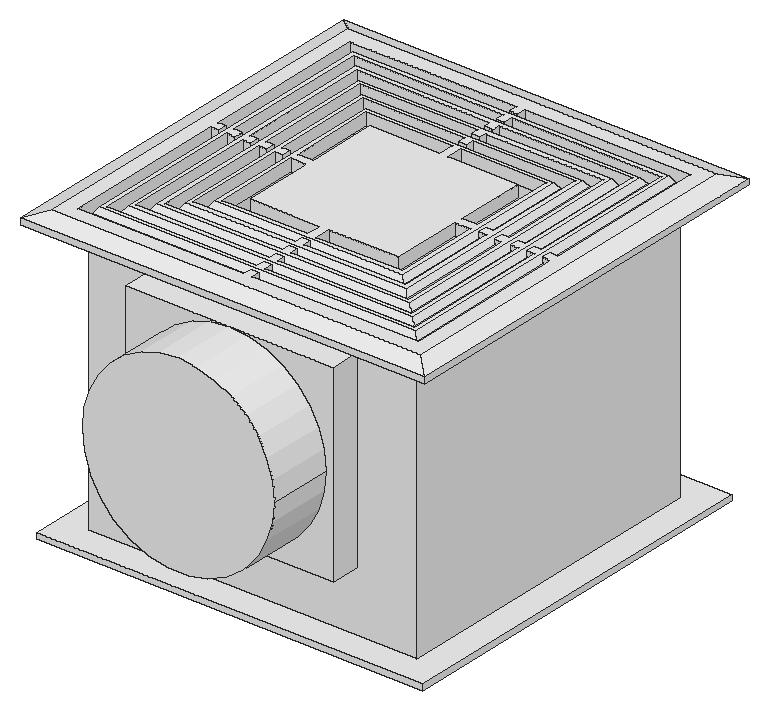
Revit family "Ceiling-Fan_VCDK 010-105C_Carnes", category Mechanical Equipment, host Face, Revit 2012
Parameters (values of type "VCDK 010-105C")
  ecoScorecard_data = ""
  ecoScorecard Product Page = "http://ecoscorecard.com/"
  Warranty URL = "http://www.carnes.com/GeneralCatalogs/termcond.pdf"
  Housing = Aluminum-Carnes-Spun-Brushed
  URL = "http://www.carnes.com/index.html"
  Subcategory = "Ceiling and Cabinet Fans"  # constant formula
  Specifications URL = ""
  Product Page URL = "http://www.carnes.com/ventilation/vcdd-vcdk.htm"
  Parts List URL = "http://www.carnes.com/ventilation/pdf/22005.pdf"
  Model = "VCDK 010-105C"  # constant formula
  Material = ""
  Manufacturer Phone = "608-845-6411"  # constant formula
  Manufacturer Fax = "608-845-6470"  # constant formula
  Manufacturer Email = "mailto:carnes@carnes.com"
  Manufacturer Address = "448 S. Main St., P. O. Box 930040, Verona, WI 53593-0040"  # constant formula
  Manufacturer = "CARNES COMPANY"  # constant formula
  IOM Instructions URL = "http://www.carnes.com/ventilation/pdf/11221.pdf"
  Grill Size = "12-5/8 Sq."
  Grill Depth = 0' - 0 3/8"
  Grill = Aluminum-Carnes-Spun-Brushed
  Duct Radius = 0' - 3"
  Duct Connector = 0' - 6"
  Description = "Ceiling Ventilators"  # constant formula
  Default Elevation = 4' - 0"
  Cost Info = "mailto:carnes@carnes.com"
  Catalog URL = "http://www.carnes.com/ventilation/pdf/C269-C295.pdf"
  Box Size = ""
  Box Depth = 0' - 8 13/16"
  Assembly Code = "D3040200"
  95 CSI = "15850"  # constant formula
  04 CSI = "23 37 13"  # constant formula
Reference planes (in)
  plane 1 "Center (Front/Back)": y = 0
  plane 2: z = 0
  plane 3 "Center (Left/Right)": x = 0
  plane 4: y = 5.125
  plane 5: x = -5.125
  plane 6: y = -5.125
  plane 7: x = 5.125
  plane 8: y = 6.03125
  plane 9: x = -6.03125
  plane 10: y = -6.03125
  plane 11: x = 6.03125
  plane 12: z = -8.8125
  plane 13: z = -8.625
  plane 14: x = 4.875
  plane 15: x = -3.25
  plane 16: x = 3.25
  plane 17: z = -0.75
  plane 18: z = -6.75
  plane 19: z = -3.75
  plane 20: y = -8.03125
Forms (in)
  Sweep 1, solid, material "Aluminum-Carnes-Spun-Brushed" <- "Housing", detail levels fine
    path origin (0, 0, 0) x (1, 0, 0) y (0, 1, 0)
      loop
        line (6.03125, 6.03125) -> (-6.03125, 6.03125) -> (-6.03125, -6.03125) -> (6.03125, -6.03125) -> (6.03125, 6.03125)
    profile origin (6.03125, 0, 0) x (1, 0, 0) y (0, 0, 1)
      loop
        line (0, -8.625) -> (-0.90625, -8.625) -> (-0.90625, -8.8125) -> (0, -8.8125) -> (0, -8.625)
  Sweep 2, solid, material "Aluminum-Carnes-Spun-Brushed" <- "Housing", detail levels fine
    path origin (0, 0, 0) x (1, 0, 0) y (0, 1, 0)
      loop
        line (5.125, 5.125) -> (-5.125, 5.125) -> (-5.125, -5.125) -> (5.125, -5.125) -> (5.125, 5.125)
    profile origin (5.125, 0, 0) x (1, 0, 0) y (0, 0, 1)
      loop
        line (-0.25, 0) -> (-0.25, -8.8125) -> (0, -8.8125) -> (0, 0) -> (-0.25, 0)
  Extrusion 3, solid, material "Aluminum-Carnes-Spun-Brushed" <- "Housing", detail levels fine
    sketch origin (0, 0, 0) x (1, 0, 0) y (0, 1, 0)
      loop
        line (-3.25, -5.125) -> (-3.25, -6.03125) -> (3.25, -6.03125) -> (3.25, -5.125) -> (-3.25, -5.125)
    from -6.75 to -0.75
  Extrusion 4, solid, material "Aluminum-Carnes-Spun-Brushed" <- "Housing", detail levels fine
    sketch origin (0, 0, 0) x (1, 0, 0) y (0, 0, 1)
      loop
        circle (0, -3.75) r 3
    from 6.03125 to 8.03125
  Extrusion 5, void
    sketch origin (0, 0, 0) x (1, 0, 0) y (0, 1, 0)
      loop
        line (-5.125, 5.125) -> (-5.125, -5.125) -> (5.125, -5.125) -> (5.125, 5.125) -> (-5.125, 5.125)
    from 0 to -8.8125
Cuts and joins
  joined: Sweep 1, Sweep 2
Lines and regions (in)
  model lines, detail levels coarse+medium
    curve 1: line (6.3125, 6.3125, 0) -> (-6.3125, 6.3125, 0)
    curve 2: line (6.3125, 6.3125, 0) -> (6.3125, -6.3125, 0)
    curve 3: line (6.3125, -6.3125, 0) -> (-6.3125, -6.3125, 0)
    curve 4: line (-6.3125, 6.3125, 0) -> (-6.3125, -6.3125, 0)
Dimensions and locks (in)
  equal spacing: host sketch curve, plane 3 "Center (Left/Right)", host sketch curve
  equal spacing: host sketch curve, plane 1 "Center (Front/Back)", host sketch curve
  equal spacing: plane 5, plane 3 "Center (Left/Right)", plane 7
  plane 5 to plane 7 = 0' - 10 1/4"
  equal spacing: plane 4, plane 1 "Center (Front/Back)", plane 6
  plane 4 to plane 6 = 0' - 10 1/4"
  equal spacing: plane 9, plane 3 "Center (Left/Right)", plane 11
  plane 9 to plane 11 = 1' - 0 1/16"
  equal spacing: plane 10, plane 1 "Center (Front/Back)", plane 8
  plane 8 to plane 10 = 1' - 0 1/16"
  "Box Depth": plane 2 to plane 12
  locked: plane 13 to plane 12 at 0.1875
  locked: plane 14 to plane 7 at 0.25
  equal spacing: plane 15, plane 3 "Center (Left/Right)", plane 16
  locked: plane 2 to plane 17 at 0.75
  locked: plane 20 to plane 10 at 2
  plane 15 to plane 16 = 0' - 6 1/2"
  equal spacing: plane 16, plane 3 "Center (Left/Right)", plane 15
  equal spacing: plane 17, plane 19, plane 18
  "Duct Radius": radius of Extrusion 4 sketch curve
  aligned and locked: plane 2 to host face
  aligned and locked: level to host face
  aligned and locked: Sweep 1 sketch curve to plane 11
  aligned and locked: Sweep 1 sketch curve to plane 8
  aligned and locked: Sweep 1 sketch curve to plane 9
  aligned and locked: Sweep 1 sketch curve to plane 10
  aligned and locked: plane 11 to Sweep 1 sketch curve
  aligned and locked: Sweep 1 sketch curve to plane 13
  aligned and locked: plane 7 to Sweep 1 sketch curve
  aligned and locked: Sweep 1 sketch curve to plane 12
  aligned and locked: Sweep 2 sketch curve to plane 7
  aligned and locked: Sweep 2 sketch curve to plane 4
  aligned and locked: plane 6 to Sweep 2 sketch curve
  aligned and locked: Sweep 2 sketch curve to plane 5
  aligned and locked: Sweep 2 sketch curve to plane 2
  aligned and locked: plane 7 to Sweep 2 sketch curve
  aligned and locked: Sweep 2 sketch curve to plane 14
  aligned and locked: Sweep 2 sketch curve to plane 12
  aligned and locked: plane 6 to Extrusion 3 sketch curve
  aligned and locked: plane 16 to Extrusion 3 sketch curve
  aligned and locked: Extrusion 3 sketch curve to plane 15
  aligned and locked: plane 10 to Extrusion 3 sketch curve
  aligned and locked: Extrusion 3 to plane 18
  aligned and locked: plane 17 to Extrusion 3
  aligned and locked: Extrusion 4 to plane 10
  aligned and locked: Extrusion 4 to plane 20
  aligned and locked: Extrusion 5 sketch curve to plane 4
  aligned and locked: Extrusion 5 sketch curve to plane 7
  aligned and locked: Extrusion 5 sketch curve to plane 5
  aligned and locked: plane 6 to Extrusion 5 sketch curve
  aligned and locked: Extrusion 5 to cut or joined group of Sweep 1, Sweep 2
  aligned and locked: cut or joined group of Sweep 1, Sweep 2 to Extrusion 5
  aligned and locked: nested 1 to plane 1 "Center (Front/Back)"
  aligned and locked: plane 3 "Center (Left/Right)" to nested 1
  aligned and locked: plane 2 to nested 1
Automatic sketch dimensions
  Extrusion 4 sketch curve to plane 3 "Center (Left/Right)" = 0' - 0"
  Extrusion 4 sketch curve to plane 19 = 0' - 0"
  curve 1 to plane 9 = 0' - 0 9/32"
  curve 2 to plane 11 = 0' - 0 9/32"
  plane 10 to curve 2 = 0' - 0 9/32"
  plane 8 to curve 2 = 0' - 0 9/32"
Nested families (in)
  nested 1: "Grill 1" at (0, 0, 0.375) x (0, -1, 0) z (0, 0, -1), type "Grill 1", detail levels fine
    with Width 1' - 0 5/8", Depth 1' - 0 5/8"
Definition of nested family "Grill 1"
  Parameters (values of type "Grill 1")
    Width = 0' - 9 11/16"
    Height = 0' - 0 3/8"
    Grill = none
    Depth = 0' - 9 11/16"
    Default Elevation = 4' - 0"
    Assembly Code = ""
  Reference planes (in)
    plane 1 "Center (Front/Back)": y = 0
    plane 2: z = 0
    plane 3 "Center (Left/Right)": x = 0
    plane 4: x = -4.84375
    plane 5: x = 4.84375
    plane 6: y = 4.84375
    plane 7: y = -4.84375
    plane 8: z = 0.375
  Forms (in)
    Sweep 1, solid, material <- "Grill"
      path origin (0, 0, 0) x (1, 0, 0) y (0, 1, 0)
        loop
          line (-4.84375, 4.84375) -> (-4.84375, -4.84375) -> (4.84375, -4.84375) -> (4.84375, 4.84375) -> (-4.84375, 4.84375)
      profile origin (0, 4.84375, 0) x (0, 1, 0) y (0, 0, 1)
        loop
          line (0, 0.375) -> (-1, 0.375) -> (-1, 0) -> (-0.54372, 0) -> (0, 0.1875) -> (0, 0.375)
    Sweep 2, solid, material <- "Grill"
      path in 3D
        loop
          line (-3.84375, 3.84375, 0.375) -> (3.84375, 3.84375, 0.375) -> (3.84375, -3.84375, 0.375) -> (-3.84375, -3.84375, 0.375) -> (-3.84375, 3.84375, 0.375)
      profile origin (-3.84375, 0, 0.375) x (-1, 0, 0) y (0, 0, 1)
        loop
          line (-0.25, -0.1875) -> (-0.25, 0) -> (-0.5, 0) -> (-0.5, -0.375) -> (-0.375, -0.375) -> (-0.25, -0.1875)
    Sweep 3, solid, material <- "Grill"
      path in 3D
        loop
          line (3.34375, 3.34375, 0.375) -> (3.34375, -3.34375, 0.375) -> (-3.34375, -3.34375, 0.375) -> (-3.34375, 3.34375, 0.375) -> (3.34375, 3.34375, 0.375)
      profile origin (0, 3.34375, 0.375) x (0, 1, 0) y (0, 0, 1)
        loop
          line (-0.25, -0.1875) -> (-0.25, 0) -> (-0.5, 0) -> (-0.5, -0.375) -> (-0.375, -0.375) -> (-0.25, -0.1875)
    Sweep 4, solid, material <- "Grill"
      path in 3D
        loop
          line (2.84375, 2.84375, 0.375) -> (2.84375, -2.84375, 0.375) -> (-2.84375, -2.84375, 0.375) -> (-2.84375, 2.84375, 0.375) -> (2.84375, 2.84375, 0.375)
      profile origin (0, 2.84375, 0.375) x (0, 1, 0) y (0, 0, 1)
        loop
          line (-0.25, -0.1875) -> (-0.25, 0) -> (-0.5, 0) -> (-0.5, -0.375) -> (-0.375, -0.375) -> (-0.25, -0.1875)
    Sweep 5, solid, material <- "Grill"
      path in 3D
        loop
          line (2.34375, 2.34375, 0.375) -> (2.34375, -2.34375, 0.375) -> (-2.34375, -2.34375, 0.375) -> (-2.34375, 2.34375, 0.375) -> (2.34375, 2.34375, 0.375)
      profile origin (0, 2.34375, 0.375) x (0, 1, 0) y (0, 0, 1)
        loop
          line (-0.25, -0.1875) -> (-0.25, 0) -> (-0.5, 0) -> (-0.5, -0.375) -> (-0.375, -0.375) -> (-0.25, -0.1875)
    Sweep 6, solid, material <- "Grill"
      path in 3D
        loop
          line (-1.84375, 1.84375, 0.375) -> (1.84375, 1.84375, 0.375) -> (1.84375, -1.84375, 0.375) -> (-1.84375, -1.84375, 0.375) -> (-1.84375, 1.84375, 0.375)
      profile origin (-1.84375, 0, 0.375) x (-1, 0, 0) y (0, 0, 1)
        loop
          line (-0.25, -0.1875) -> (-0.25, 0) -> (-0.5, 0) -> (-0.5, -0.375) -> (-0.375, -0.375) -> (-0.25, -0.1875)
    Sweep 7, solid, material <- "Grill"
      path in 3D
        loop
          line (-1.34375, 1.34375, 0.375) -> (1.34375, 1.34375, 0.375) -> (1.34375, -1.34375, 0.375) -> (-1.34375, -1.34375, 0.375) -> (-1.34375, 1.34375, 0.375)
      profile origin (-1.34375, 0, 0.375) x (-1, 0, 0) y (0, 0, 1)
        loop
          line (-0.5, -0.375) -> (-0.5, 0) -> (-0.75, 0) -> (-0.75, -0.375) -> (-0.5, -0.375)
    Extrusion 8, solid, material <- "Grill"
      sketch origin (0, 0, 0) x (1, 0, 0) y (0, 1, 0)
        loop
          line (-0.59375, 0.59375) -> (-0.59375, -0.59375) -> (0.59375, -0.59375) -> (0.59375, 0.59375) -> (-0.59375, 0.59375)
      from 0 to 0.375
    Extrusion 9, solid, material <- "Grill"
      sketch origin (0, 0, 0) x (1, 0, 0) y (0, 1, 0)
        loop
          line (-0.125, 0.84375) -> (0.125, 0.84375) -> (0.125, 1.34375) -> (-0.125, 1.34375) -> (-0.125, 0.84375)
        loop
          line (0.125, 3.84375) -> (-0.125, 3.84375) -> (-0.125, 3.59375) -> (0.125, 3.59375) -> (0.125, 3.84375)
        loop
          line (-0.125, 3.34375) -> (-0.125, 3.09375) -> (0.125, 3.09375) -> (0.125, 3.34375) -> (-0.125, 3.34375)
        loop
          line (-0.125, 2.84375) -> (-0.125, 2.59375) -> (0.125, 2.59375) -> (0.125, 2.84375) -> (-0.125, 2.84375)
        loop
          line (-0.125, 2.34375) -> (-0.125, 2.09375) -> (0.125, 2.09375) -> (0.125, 2.34375) -> (-0.125, 2.34375)
        loop
          line (-0.125, 1.84375) -> (-0.125, 1.59375) -> (0.125, 1.59375) -> (0.125, 1.84375) -> (-0.125, 1.84375)
      from 0 to 0.375
    Extrusion 10, solid, material <- "Grill"
      sketch origin (0, 0, 0) x (1, 0, 0) y (0, 1, 0)
        loop
          line (3.84375, -0.125) -> (3.84375, 0.125) -> (3.59375, 0.125) -> (3.59375, -0.125) -> (3.84375, -0.125)
        loop
          line (3.34375, 0.125) -> (3.09375, 0.125) -> (3.09375, -0.125) -> (3.34375, -0.125) -> (3.34375, 0.125)
        loop
          line (2.84375, 0.125) -> (2.59375, 0.125) -> (2.59375, -0.125) -> (2.84375, -0.125) -> (2.84375, 0.125)
        loop
          line (2.34375, 0.125) -> (2.09375, 0.125) -> (2.09375, -0.125) -> (2.34375, -0.125) -> (2.34375, 0.125)
        loop
          line (1.84375, 0.125) -> (1.59375, 0.125) -> (1.59375, -0.125) -> (1.84375, -0.125) -> (1.84375, 0.125)
        loop
          line (1.34375, 0.125) -> (0.84375, 0.125) -> (0.84375, -0.125) -> (1.34375, -0.125) -> (1.34375, 0.125)
      from 0 to 0.375
    Extrusion 11, solid, material <- "Grill"
      sketch origin (0, 0, 0) x (1, 0, 0) y (0, 1, 0)
        loop
          line (-3.84375, 0.125) -> (-3.84375, -0.125) -> (-3.59375, -0.125) -> (-3.59375, 0.125) -> (-3.84375, 0.125)
        loop
          line (-0.84375, -0.125) -> (-0.84375, 0.125) -> (-1.34375, 0.125) -> (-1.34375, -0.125) -> (-0.84375, -0.125)
        loop
          line (-3.34375, -0.125) -> (-3.09375, -0.125) -> (-3.09375, 0.125) -> (-3.34375, 0.125) -> (-3.34375, -0.125)
        loop
          line (-2.84375, -0.125) -> (-2.59375, -0.125) -> (-2.59375, 0.125) -> (-2.84375, 0.125) -> (-2.84375, -0.125)
        loop
          line (-2.34375, -0.125) -> (-2.09375, -0.125) -> (-2.09375, 0.125) -> (-2.34375, 0.125) -> (-2.34375, -0.125)
        loop
          line (-1.84375, -0.125) -> (-1.59375, -0.125) -> (-1.59375, 0.125) -> (-1.84375, 0.125) -> (-1.84375, -0.125)
      from 0 to 0.375
    Extrusion 12, solid, material <- "Grill"
      sketch origin (0, 0, 0) x (1, 0, 0) y (0, 1, 0)
        loop
          line (-0.125, -3.84375) -> (0.125, -3.84375) -> (0.125, -3.59375) -> (-0.125, -3.59375) -> (-0.125, -3.84375)
        loop
          line (0.125, -0.84375) -> (-0.125, -0.84375) -> (-0.125, -1.34375) -> (0.125, -1.34375) -> (0.125, -0.84375)
        loop
          line (0.125, -3.34375) -> (0.125, -3.09375) -> (-0.125, -3.09375) -> (-0.125, -3.34375) -> (0.125, -3.34375)
        loop
          line (0.125, -2.84375) -> (0.125, -2.59375) -> (-0.125, -2.59375) -> (-0.125, -2.84375) -> (0.125, -2.84375)
        loop
          line (0.125, -2.34375) -> (0.125, -2.09375) -> (-0.125, -2.09375) -> (-0.125, -2.34375) -> (0.125, -2.34375)
        loop
          line (0.125, -1.84375) -> (0.125, -1.59375) -> (-0.125, -1.59375) -> (-0.125, -1.84375) -> (0.125, -1.84375)
      from 0 to 0.375
  Cuts and joins
    joined: Sweep 1, Sweep 2, Sweep 3, Sweep 4, Sweep 5, Sweep 6, Sweep 7, Extrusion 8, Extrusion 9, Extrusion 10, Extrusion 11, Extrusion 12
  Lines and regions (in)
    sketch lines
      curve 1: line (-3.84375, -3.84375, 0.375) -> (-3.84375, 3.84375, 0.375)
      curve 2: line (3.84375, -3.84375, 0.375) -> (-3.84375, -3.84375, 0.375)
      curve 3: line (3.84375, 3.84375, 0.375) -> (3.84375, -3.84375, 0.375)
      curve 4: line (-3.84375, 3.84375, 0.375) -> (3.84375, 3.84375, 0.375)
      curve 5: line (-3.34375, 3.34375, 0.375) -> (3.34375, 3.34375, 0.375)
      curve 6: line (-3.34375, -3.34375, 0.375) -> (-3.34375, 3.34375, 0.375)
      curve 7: line (3.34375, -3.34375, 0.375) -> (-3.34375, -3.34375, 0.375)
      curve 8: line (3.34375, 3.34375, 0.375) -> (3.34375, -3.34375, 0.375)
      curve 9: line (-2.84375, 2.84375, 0.375) -> (2.84375, 2.84375, 0.375)
      curve 10: line (-2.84375, -2.84375, 0.375) -> (-2.84375, 2.84375, 0.375)
      curve 11: line (2.84375, -2.84375, 0.375) -> (-2.84375, -2.84375, 0.375)
      curve 12: line (2.84375, 2.84375, 0.375) -> (2.84375, -2.84375, 0.375)
      curve 13: line (-2.34375, 2.34375, 0.375) -> (2.34375, 2.34375, 0.375)
      curve 14: line (-2.34375, -2.34375, 0.375) -> (-2.34375, 2.34375, 0.375)
      curve 15: line (2.34375, -2.34375, 0.375) -> (-2.34375, -2.34375, 0.375)
      curve 16: line (2.34375, 2.34375, 0.375) -> (2.34375, -2.34375, 0.375)
      curve 17: line (-1.84375, -1.84375, 0.375) -> (-1.84375, 1.84375, 0.375)
      curve 18: line (1.84375, -1.84375, 0.375) -> (-1.84375, -1.84375, 0.375)
      curve 19: line (1.84375, 1.84375, 0.375) -> (1.84375, -1.84375, 0.375)
      curve 20: line (-1.84375, 1.84375, 0.375) -> (1.84375, 1.84375, 0.375)
      curve 21: line (-1.34375, -1.34375, 0.375) -> (-1.34375, 1.34375, 0.375)
      curve 22: line (1.34375, -1.34375, 0.375) -> (-1.34375, -1.34375, 0.375)
      curve 23: line (1.34375, 1.34375, 0.375) -> (1.34375, -1.34375, 0.375)
      curve 24: line (-1.34375, 1.34375, 0.375) -> (1.34375, 1.34375, 0.375)
  Dimensions and locks (in)
    equal spacing: plane 6, plane 1 "Center (Front/Back)", plane 7
    equal spacing: plane 4, plane 3 "Center (Left/Right)", plane 5
    "Width": plane 4 to plane 5
    "Depth": plane 6 to plane 7
    "Height": plane 8 to plane 2
    locked: profile plane to Sweep 1 sketch curve at 0.54372
    locked: plane 8 to Sweep 1 sketch curve at 0.1875
    equal spacing: Extrusion 9 sketch curve, plane 3 "Center (Left/Right)", Extrusion 9 sketch curve
    equal spacing: Extrusion 10 sketch curve, plane 1 "Center (Front/Back)", Extrusion 10 sketch curve
    aligned and locked: plane 2 to level
    aligned and locked: Sweep 1 sketch curve to plane 6
    aligned and locked: Sweep 1 sketch curve to plane 4
    aligned and locked: Sweep 1 sketch curve to plane 7
    aligned and locked: Sweep 1 sketch curve to plane 5
    aligned and locked: Sweep 1 sketch curve to profile plane
    aligned and locked: Sweep 1 sketch curve to plane 8
    aligned and locked: profile plane to Sweep 1 sketch curve
    aligned and locked: profile plane to Sweep 2 sketch curve
    aligned and locked: level to Sweep 2 sketch curve
    aligned and locked: profile plane to Sweep 3 sketch curve
    aligned and locked: level to Sweep 3 sketch curve
    aligned and locked: profile plane to Sweep 4 sketch curve
    aligned and locked: level to Sweep 4 sketch curve
    aligned and locked: profile plane to Sweep 5 sketch curve
    aligned and locked: level to Sweep 5 sketch curve
    aligned and locked: profile plane to Sweep 6 sketch curve
    aligned and locked: level to Sweep 6 sketch curve
    aligned and locked: profile plane to Sweep 7 sketch curve
    aligned and locked: level to Sweep 7 sketch curve
    aligned and locked: Extrusion 8 sketch curve to Sweep 7  (x4)
    aligned and locked: Extrusion 8 to plane 2
    aligned and locked: plane 8 to Extrusion 8
    aligned and locked: Sweep 1 to Extrusion 9 sketch curve
    aligned and locked: Sweep 2 to Extrusion 9 sketch curve  (x2)
    aligned and locked: Sweep 3 to Extrusion 9 sketch curve
    aligned and locked: Sweep 4 to Extrusion 9 sketch curve
    aligned and locked: Sweep 5 to Extrusion 9 sketch curve  (x2)
    aligned and locked: Extrusion 9 sketch curve to Extrusion 9 sketch curve  (x10)
    aligned and locked: Extrusion 9 to plane 2
    aligned and locked: plane 8 to Extrusion 9
    aligned and locked: cut or joined group 1 (Sweep 1, Sweep 2, Sweep 3, Sweep 4, Sweep 5, Sweep 6, Sweep 7, Extrusion 8, Extrusion 9, Extrusion 10, Extrusion 11, Extrusion 12) to Extrusion 10 sketch curve  (x11)
    aligned and locked: Extrusion 10 sketch curve to Extrusion 10 sketch curve  (x10)
    aligned and locked: Extrusion 10 to plane 2
    aligned and locked: plane 8 to Extrusion 10
    aligned and locked: cut or joined group 1 to Extrusion 11 sketch curve  (x12)
    aligned and locked: Extrusion 11 to plane 2
    aligned and locked: plane 8 to Extrusion 11
    aligned and locked: cut or joined group 1 to Extrusion 12 sketch curve  (x12)
    aligned and locked: Extrusion 12 to plane 2
    aligned and locked: plane 8 to Extrusion 12
  Automatic sketch dimensions
    Sweep 1 sketch curve to Sweep 1 sketch curve = 0' - 0.45628"
    profile plane to Sweep 2 sketch curve = 0' - 0 1/2"
    Sweep 2 sketch curve to Sweep 2 sketch curve = 0' - 0 1/8"
    profile plane to Sweep 2 sketch curve = 0' - 0 1/4"
    Sweep 2 sketch curve to Sweep 2 sketch curve = 0' - 0 3/16"
    profile plane to Sweep 3 sketch curve = 0' - 0 1/2"
    Sweep 3 sketch curve to Sweep 3 sketch curve = 0' - 0 1/8"
    profile plane to Sweep 3 sketch curve = 0' - 0 1/4"
    Sweep 3 sketch curve to Sweep 3 sketch curve = 0' - 0 3/16"
    profile plane to Sweep 4 sketch curve = 0' - 0 1/2"
    Sweep 4 sketch curve to Sweep 4 sketch curve = 0' - 0 1/8"
    Sweep 4 sketch curve to Sweep 4 sketch curve = 0' - 0 1/4"
    Sweep 4 sketch curve to profile plane = 0' - 0 3/16"
    profile plane to Sweep 5 sketch curve = 0' - 0 1/2"
    Sweep 5 sketch curve to Sweep 5 sketch curve = 0' - 0 1/8"
    Sweep 5 sketch curve to Sweep 5 sketch curve = 0' - 0 1/4"
    Sweep 5 sketch curve to profile plane = 0' - 0 3/16"
    profile plane to Sweep 6 sketch curve = 0' - 0 1/2"
    Sweep 6 sketch curve to Sweep 6 sketch curve = 0' - 0 1/8"
    Sweep 6 sketch curve to Sweep 6 sketch curve = 0' - 0 1/4"
    Sweep 6 sketch curve to profile plane = 0' - 0 3/16"
    profile plane to Sweep 7 sketch curve = 0' - 0 3/4"
    Sweep 7 sketch curve to Sweep 7 sketch curve = 0' - 0 1/4"
    Extrusion 9 sketch curve to plane 3 "Center (Left/Right)" = 0' - 0 1/8"
    Extrusion 10 sketch curve to plane 1 "Center (Front/Back)" = 0' - 0 1/8"
    Extrusion 10 sketch curve to Extrusion 10 sketch curve = 0' - 0 1/4"
    Extrusion 9 sketch curve to Extrusion 9 sketch curve = 0' - 0 1/4"  (x4)
    Extrusion 9 sketch curve to Extrusion 9 sketch curve = 0' - 0 1/2"
    Extrusion 11 sketch curve to plane 1 "Center (Front/Back)" = 0' - 0 1/8"  (x4)
    Extrusion 11 sketch curve to Extrusion 11 sketch curve = 0' - 0"  (x4)
    plane 1 "Center (Front/Back)" to Extrusion 11 sketch curve = 0' - 0 1/8"  (x4)
    Extrusion 12 sketch curve to plane 3 "Center (Left/Right)" = 0' - 0 1/8"  (x3)
    Extrusion 12 sketch curve to Extrusion 12 sketch curve = 0' - 0"  (x8)
    plane 3 "Center (Left/Right)" to Extrusion 12 sketch curve = 0' - 0 1/8"
